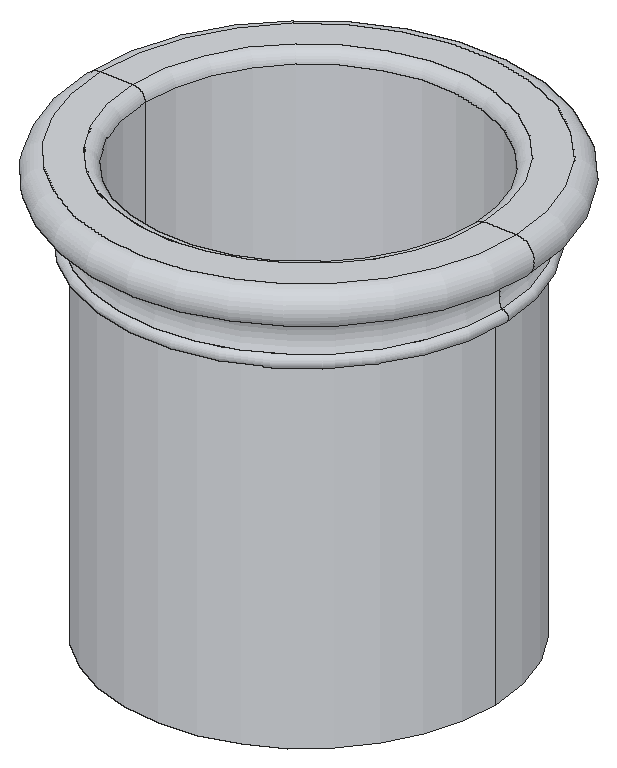
Revit family
Parameters (values of type "SBSP-062.1")
  Width = 2' - 1"
  URL = "www.strombergarchitectural.com"
  Top Material = GFRC
  Submittal Sheet = "www.strombergarchitectural.com/images/materials/gfrc/submittal/gfrc-submittal-sheet.pdf"
  Specifications = "www.strombergarchitectural.com/gfrcspecifications"
  Model Cut-sheet = "www.strombergarchitectural.com/products/bollards/design/SBSP-062"
  Model = "SBSP-062"
  Manufacturer = "Stromberg Architectural Products"
  Guidebook = "www.strombergarchitectural.com/images/materials/gfrc/handbooks/gfrc_guidebook.pdf   \r\n(http://www.strombergarchitectural.com/images/materials/gfrc/handbooks/gfrc_guidebook.pdf"
  Frame Material = none
  Description = "GFRC Bollard"
  Assembly Code = ""
  Height = 2' - 0"
  062.5 = no
  062.4 = no
  062.3 = no
  062.2 = no
  062.1 = yes
Types (6): name | Width | Guidebook | Height | 062.5 | 062.4 | 062.3 | 062.2 | 062.1
  (no name) | 2' - 1" | "www.strombergarchitectural.com/images/materials/gfrc/handbooks/gfrc_guidebook.pdf   \r\n(http://www.strombergarchitectural.com/images/materials/gfrc/handbooks/gfrc_guidebook.pdf" | 2' - 0" | no | no | no | no | yes
  SBSP-062.3 | 3' - 2" | "www.strombergarchitectural.com/images/materials/gfrc/handbooks/gfrc_guidebook.pdf" | 3' - 0" | no | no | yes | no | no
  SBSP-062.1 | 2' - 1" | "www.strombergarchitectural.com/images/materials/gfrc/handbooks/gfrc_guidebook.pdf   \r\n(http://www.strombergarchitectural.com/images/materials/gfrc/handbooks/gfrc_guidebook.pdf" | 2' - 0" | no | no | no | no | yes
  SBSP-062.2 | 2' - 8" | "www.strombergarchitectural.com/images/materials/gfrc/handbooks/gfrc_guidebook.pdf" | 2' - 6" | no | no | no | yes | no
  SBSP-062.4 | 3' - 8" | "www.strombergarchitectural.com/images/materials/gfrc/handbooks/gfrc_guidebook.pdf" | 3' - 6" | no | yes | no | no | no
  SBSP-062.5 | 4' - 3" | "www.strombergarchitectural.com/images/materials/gfrc/handbooks/gfrc_guidebook.pdf" | 4' - 0" | yes | no | no | no | no
Reference planes (in)
  plane 1 "Center (Front/Back)": y = 3.74847
  plane 2: z = 0
  plane 3 "Center (Left/Right)": x = 0.7278
  plane 4 "Front": y = -3.25153
  plane 5 "Back": y = 10.74847
  plane 6 "Left": x = -17.2722
  plane 7 "Right": x = 18.7278
Forms (in)
  Revolve 1, solid, visible <- "062.1"
    sketch origin (-59.87997, 3.74847, -36.57868) x (1, 0, 0) y (0, 0, 1)
      loop
        line (60.60777, 36.57868) -> (70.93051, 36.57868) -> (70.93051, 55.57212) -> (71.20973, 55.57212)
        arc (71.20973, 55.57212) -> (71.58441, 55.87372) -> (71.2579, 56.2269) r 0.32904
        arc (71.2579, 56.2269) -> (71.24849, 57.37721) -> (72.06631, 58.18621) r 1.47877
        arc (72.06631, 58.18621) -> (73.04847, 59.16837) -> (72.06631, 60.15053) r 0.98216
        line (72.06631, 60.15053) -> (70.27574, 60.15053)
        arc (70.27574, 60.15053) -> (69.81275, 59.95875) -> (69.62097, 59.49576) r 0.65477
        line (69.62097, 59.49576) -> (69.62097, 37.88823) -> (60.60777, 37.88823) -> (60.60777, 36.57868)
      axis (60.60777, 36.57868) -> (60.60777, 60.15053)
    angle from 0 to 360
  Revolve 2, solid, visible <- "062.2"
    sketch origin (-110.34751, 3.74847, -36.57868) x (1, 0, 0) y (0, 0, 1)
      loop
        line (111.07531, 36.57868) -> (124.40062, 36.57868) -> (124.40062, 61.09671) -> (124.82323, 61.09671)
        arc (124.82323, 61.09671) -> (125.24585, 61.51933) -> (124.82323, 61.94194) r 0.42261
        arc (124.82323, 61.94194) -> (124.81109, 63.42684) -> (125.86678, 64.47116) r 1.9089
        arc (125.86678, 64.47116) -> (127.13462, 65.739) -> (125.86678, 67.00684) r 1.26784
        line (125.86678, 67.00684) -> (123.55539, 67.00684)
        arc (123.55539, 67.00684) -> (122.95773, 66.75928) -> (122.71017, 66.16161) r 0.84523
        line (122.71017, 66.16161) -> (122.71017, 38.26914) -> (111.07531, 38.26914) -> (111.07531, 36.57868)
      axis (111.07531, 36.57868) -> (111.07531, 67.00684)
    angle from 0 to 360
  Revolve 3, solid, visible <- "062.3"
    sketch origin (-172.49201, 3.74847, -36.57868) x (1, 0, 0) y (0, 0, 1)
      loop
        line (173.21981, 36.57868) -> (188.98518, 36.57868) -> (188.98518, 65.58633) -> (189.48518, 65.58633)
        arc (189.48518, 65.58633) -> (189.98518, 66.08633) -> (189.48518, 66.58633) r 0.5
        arc (189.48518, 66.58633) -> (189.47081, 68.34314) -> (190.71981, 69.57868) r 2.25845
        arc (190.71981, 69.57868) -> (192.21981, 71.07868) -> (190.71981, 72.57868) r 1.5
        line (190.71981, 72.57868) -> (187.98518, 72.57868)
        arc (187.98518, 72.57868) -> (187.27808, 72.28579) -> (186.98518, 71.57868) r 1
        line (186.98518, 71.57868) -> (186.98518, 38.57868) -> (173.21981, 38.57868) -> (173.21981, 36.57868)
      axis (173.21981, 36.57868) -> (173.21981, 72.57868)
    angle from 0 to 360
  Revolve 4, solid, visible <- "062.4"
    sketch origin (-236.6498, 3.74847, -36.57868) x (1, 0, 0) y (0, 0, 1)
      loop
        line (237.3776, 36.57868) -> (255.58303, 36.57868) -> (255.58303, 70.07594) -> (256.16042, 70.07594)
        arc (256.16042, 70.07594) -> (256.73781, 70.65333) -> (256.16042, 71.23072) r 0.57739
        arc (256.16042, 71.23072) -> (256.14382, 73.25943) -> (257.58614, 74.68621) r 2.60799
        arc (257.58614, 74.68621) -> (259.3183, 76.41837) -> (257.58614, 78.15053) r 1.73216
        line (257.58614, 78.15053) -> (254.42826, 78.15053)
        arc (254.42826, 78.15053) -> (253.61171, 77.8123) -> (253.27348, 76.99576) r 1.15477
        line (253.27348, 76.99576) -> (253.27348, 38.88823) -> (237.3776, 38.88823) -> (237.3776, 36.57868)
      axis (237.3776, 36.57868) -> (237.3776, 78.15053)
    angle from 0 to 360
  Revolve 5, solid, visible <- "062.5"
    sketch origin (-316.834, 3.74847, -36.57868) x (1, 0, 0) y (0, 0, 1)
      loop
        line (317.5618, 36.57868) -> (338.76979, 36.57868) -> (338.76979, 75.60054) -> (339.44241, 75.60054)
        arc (339.44241, 75.60054) -> (340.11502, 76.27315) -> (339.44241, 76.94576) r 0.67261
        arc (339.44241, 76.94576) -> (339.42307, 79.30907) -> (341.10326, 80.97116) r 3.03812
        arc (341.10326, 80.97116) -> (343.1211, 82.989) -> (341.10326, 85.00684) r 2.01784
        line (341.10326, 85.00684) -> (337.42457, 85.00684)
        arc (337.42457, 85.00684) -> (336.47335, 84.61283) -> (336.07934, 83.66161) r 1.34523
        line (336.07934, 83.66161) -> (336.07934, 39.26914) -> (317.5618, 39.26914) -> (317.5618, 36.57868)
      axis (317.5618, 36.57868) -> (317.5618, 85.00684)
    angle from 0 to 360
Dimensions and locks (in)
  aligned and locked: level to plane 2
